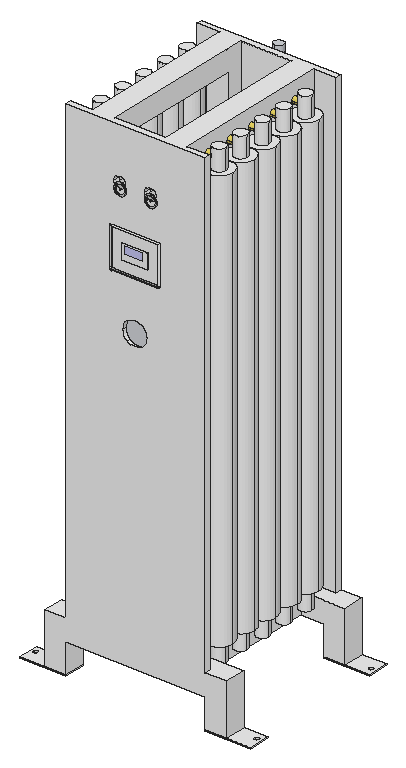
Revit family "Chaine de traitement par Absorption (support au sol) - AD5325", category Equipement spécialisé, Revit 2018
Family settings
  Cote de connecteur circulaire = Utiliser le diamètre
  Type d'élément = Normal
  Basée sur le plan de construction = Non
  Toujours verticalement = Oui
  Couper avec des vides une fois chargée = Non
  Partagée = Non
  Point de calcul de pièce = Non
Parameters (values of type "SEC 7 HC - AD 5325")
  TERRE = yes
  TENSION_ALIM = 230 V  # constant formula
  Rayon_Raccord_Face_Avant = 40 mm
  Rayon_Percement_Fixation_Sol = Diametre_Percement_Fixation_Sol / 2  # 7 mm
  Profondeur_Totale = 560 mm
  PUISS_ELECT_X = 0.15 kW
  PUISS_APPARENTE_X = PUISS_ELECT_X / COS_PHI  # 166.667 VA
  PROTEC_ELECT_X = "Disjoncteur courbe D - 1 A"
  POIDS(Kg) = 257 mm
  NEUTRE = yes
  NBR_POLES = 1
  Modèle = "SEC 7 HC - AD 5325"
  Lien espace client = "https://www.mils.fr/en/customers-area/"
  Largeur_Totale = 760 mm
  Largeur_Panneaux_Support = 460 mm
  LONGUEUR = Profondeur_Totale  # 560 mm
  LARGEUR = Largeur_Totale  # 760 mm
  Hauteur_Totale = 1690 mm
  Hauteur_Sol_Barres = 135 mm
  Hauteur_Rouleau = Hauteur_Totale - (Hauteur_Sol_Barres + E2)  # 1520 mm
  Hauteur_Manomètres = 1500 mm
  HAUTEUR = Hauteur_Totale  # 1690 mm
  Fabricant = "MIL'S"
  FREQUENCE = 50 Hz  # constant formula
  Epaisseur_Cache = 20 mm
  Epaisseur_Barre_Support = 70 mm
  Entraxe_Vertical_Fixation_Sol = 470 mm
  Entraxe_Rouleaux = 390 mm
  Entraxe_Manomètres = 100 mm
  Entraxe_Horizontal_Fixation_Sol = 730 mm
  Entraxe_Barres_Verticales = 310 mm
  Entraxe_Barres_Horizontales = 560 mm
  E2 = Epaisseur_Barre_Support / 2  # 35 mm
  E1 = Epaisseur_Barre_Support * 2  # 140 mm
  Diametre_Percement_Fixation_Sol = 14 mm
  DIAM_SORTIE_AIR = 32 mm
  DIAM_ENTREE_AIR = 32 mm
  DESCR_SORTIE_AIR = "Sortie Air ; 325 m3/h à 10 bar ; ID G 1\"1/4 ;"
  DESCR_ENTREE_AIR = "Entrée Air ; 325 m3/h à 10 bar ; ID G 1\"1/4 ;"
  DESCR_ALIM_X = "Alimentation X ; ID 3G1mm² ;"
  DEBIT_SORTIE_AIR = 325.0 m³/h
  DEBIT_ENTREE_AIR = DEBIT_SORTIE_AIR  # 325.0 m³/h
  COS_PHI = 0.9  # constant formula
Reference planes
  plane 1 "Centre (avant/arrière)": y = 0
  plane 2: z = 0
  plane 3 "Centre (gauche/droite)": x = 0
  plane 4: y = 280
  plane 5: y = 210
  plane 6: y = -210
  plane 7: y = -280
  plane 8: x = -155
  plane 9: x = -85
  plane 10: x = 85
  plane 11: x = 155
  plane 12: x = -380
  plane 13: x = 380
  plane 14: x = -120
  plane 15: x = 120
  plane 16: x = -230
  plane 17: x = 230
  plane 18: z = 1690
  plane 19: x = -195
  plane 20: x = 195
  plane 21: x = -365
  plane 22: x = 365
  plane 23: y = -235
  plane 24: y = 235
  plane 25: z = 1500
  plane 26: x = -50
  plane 27: x = 50
  plane 28: y = 89
  plane 29: y = 0
  plane 30: y = -89
  plane 31: y = -178
  plane 32: y = 178
Forms (mm)
  Extrusion 1, solid, material "Aluminium - Laqué, Blanc"
    sketch origin (0, 0, 0) x (1, 0, 0) y (0, 1, 0)
      loop
        line (-380, 280) -> (-380, 210) -> (-230, 210) -> (-230, 280) -> (-380, 280)
      loop
        line (-380, -210) -> (-380, -280) -> (-230, -280) -> (-230, -210) -> (-380, -210)
      loop
        line (380, 280) -> (230, 280) -> (230, 210) -> (380, 210) -> (380, 280)
      loop
        line (380, -210) -> (230, -210) -> (230, -280) -> (380, -280) -> (380, -210)
    from 0 to 2.5
  Sweep 2, solid, material "Aluminium - Laqué, Blanc"
    path origin (0, 0, 0) x (1, 0, 0) y (0, 0, 1)
      loop
        line (-265, 2.5) -> (-265, 135) -> (265, 135) -> (265, 2.5)
    profile origin (-265, 0, 68.75) x (-1, 0, 0) y (0, -1, 0)
      loop
        line (-35, -280) -> (35, -280) -> (35, -210) -> (-35, -210) -> (-35, -280)
      loop
        line (-35, 210) -> (35, 210) -> (35, 280) -> (-35, 280) -> (-35, 210)
  Extrusion 3, solid, material "Aluminium - Laqué, Blanc"
    sketch origin (0, 0, 0) x (1, 0, 0) y (0, 0, 1)
      loop
        line (-155, 170) -> (-155, 100) -> (-85, 100) -> (-85, 170) -> (-155, 170)
      loop
        line (85, 170) -> (85, 100) -> (155, 100) -> (155, 170) -> (85, 170)
      loop
        line (-155, 1690) -> (-155, 1620) -> (-85, 1620) -> (-85, 1690) -> (-155, 1690)
      loop
        line (85, 1690) -> (85, 1620) -> (155, 1620) -> (155, 1690) -> (85, 1690)
    from -210 to 210
  Extrusion 4, solid, material "Aluminium - Laqué, Blanc"
    sketch origin (0, 0, 0) x (1, 0, 0) y (0, 0, 1)
      loop
        line (-230, 1690) -> (-230, 170) -> (230, 170) -> (230, 1690) -> (-230, 1690)
      loop
        circle (0, 1090.886) r 40
      loop
        circle (-50, 1520) r 20
      loop
        circle (50, 1519.869) r 20
      loop
        arc (-75, 1390) -> (-82.071, 1387.071) -> (-85, 1380) r 10
        line (-85, 1380) -> (-85, 1260)
        arc (-85, 1260) -> (-82.071, 1252.929) -> (-75, 1250) r 10
        line (-75, 1250) -> (75, 1250)
        arc (75, 1250) -> (82.071, 1252.929) -> (85, 1260) r 10
        line (85, 1260) -> (85, 1380)
        arc (85, 1380) -> (82.071, 1387.071) -> (75, 1390) r 10
        line (75, 1390) -> (-75, 1390)
    from 280 to 260
  Extrusion 5, solid
    sketch origin (0, 0, 0) x (1, 0, 0) y (0, 0, 1)
      loop
        circle (0, 1090.886) r 40
    from 260 to 270
  Extrusion 6, solid, material "Aluminium - Laqué, Blanc"
    sketch origin (0, 0, 0) x (1, 0, 0) y (0, 0, 1)
      loop
        line (-230, 1690) -> (-230, 170) -> (230, 170) -> (230, 1690) -> (-230, 1690)
    from -260 to -280
  Extrusion 7, solid, material "Aluminium - Laqué, Blanc"
    sketch origin (0, 0, 0) x (1, 0, 0) y (0, 1, 0)
      loop
        line (-155, 210) -> (-85, 210) -> (-85, 260) -> (-155, 260) -> (-155, 210)
      loop
        line (85, 210) -> (155, 210) -> (155, 260) -> (85, 260) -> (85, 210)
      loop
        line (-155, -210) -> (-155, -260) -> (-85, -260) -> (-85, -210) -> (-155, -210)
      loop
        line (155, -210) -> (85, -210) -> (85, -260) -> (155, -260) -> (155, -210)
    from 1690 to 170
  Sweep 8, solid
    path origin (0, 0, 0) x (0, 1, 0) y (0, 0, 1)
      loop
        line (280, 1650) -> (290, 1650)
        arc (290, 1650) -> (304.142, 1655.858) -> (310, 1670) r 20
        line (310, 1670) -> (310, 1690)
    profile origin (0, 285, 1650) x (0, 0, 1) y (1, 0, 0)
      loop
        circle (0, 0) r 16
  Extrusion 9, void
    sketch origin (0, 0, 0) x (1, 0, 0) y (0, 1, 0)
      loop
        circle (-365, 235) r 7
      loop
        circle (-365, -235) r 7
      loop
        circle (365, -235) r 7
      loop
        circle (365, 235) r 7
    from 0 to 2.5
  Extrusion 10, solid, material "Brass 6E7D908B"
    sketch origin (0, 0, 0) x (0, 1, 0) y (0, 0, 1)
      loop
        circle (-178, 1637.5) r 10
      loop
        circle (-89, 1637.5) r 10
      loop
        circle (0, 1637.5) r 10
      loop
        circle (89, 1637.5) r 10
      loop
        circle (178, 1637.5) r 10
    from -155 to -195
  Extrusion 11, solid, material "Brass 6E7D908B"
    sketch origin (0, 0, 0) x (0, 1, 0) y (0, 0, 1)
      loop
        circle (-178, 1637.5) r 10
      loop
        circle (-89, 1637.5) r 10
      loop
        circle (0, 1637.5) r 10
      loop
        circle (89, 1637.5) r 10
      loop
        circle (178, 1637.5) r 10
    from 155 to 195
Cuts and joins
  joined: Sweep 2, Extrusion 3, Extrusion 4, Extrusion 6, Extrusion 7
  Extrusion 9 cuts Extrusion 1
Dimensions and locks
  equal spacing: plane 4, plane 1 "Centre (avant/arrière)", plane 7
  "Profondeur_Totale": plane 4 to plane 7
  "Epaisseur_Barre_Support": plane 4 to plane 5
  "Epaisseur_Barre_Support": plane 6 to plane 7
  "Entraxe_Barres_Verticales": plane 8 to plane 11
  equal spacing: plane 8, plane 3 "Centre (gauche/droite)", plane 11
  "Epaisseur_Barre_Support": plane 8 to plane 9
  "Epaisseur_Barre_Support": plane 10 to plane 11
  equal spacing: plane 12, plane 3 "Centre (gauche/droite)", plane 13
  "Largeur_Totale": plane 12 to plane 13
  equal spacing: plane 8, plane 14, plane 9
  equal spacing: plane 10, plane 15, plane 11
  "Hauteur_Sol_Barres": Sweep 2 sketch curve to level
  "Epaisseur_Barre_Support": Sweep 2 sketch curve to plane 16
  "E2": plane 16 to Sweep 2 sketch curve
  "E2": Sweep 2 sketch curve to plane 17
  "Hauteur_Totale": plane 18 to level
  "Epaisseur_Barre_Support": plane 18 to Extrusion 3 sketch curve  (x2)
  equal spacing: plane 16, plane 3 "Centre (gauche/droite)", plane 17
  "Largeur_Panneaux_Support": plane 16 to plane 17
  equal spacing: plane 19, plane 3 "Centre (gauche/droite)", plane 20
  "Entraxe_Rouleaux": plane 19 to plane 20
  equal spacing: plane 21, plane 3 "Centre (gauche/droite)", plane 22
  equal spacing: plane 24, plane 1 "Centre (avant/arrière)", plane 23
  "Entraxe_Vertical_Fixation_Sol": plane 24 to plane 23
  "Entraxe_Horizontal_Fixation_Sol": plane 21 to plane 22
  equal spacing: plane 27, plane 3 "Centre (gauche/droite)", plane 26
  "Entraxe_Manomètres": plane 27 to plane 26
  "Hauteur_Manomètres": plane 25 to level
  "Rayon_Raccord_Face_Avant": radius of Extrusion 4 sketch curve
  "Rayon_Raccord_Face_Avant": radius of Extrusion 5 sketch curve
  "Rayon_Percement_Fixation_Sol": radius of Extrusion 9 sketch curve  (x4)
  aligned and locked: level to plane 2
  aligned and locked: Extrusion 1 sketch curve to plane 4
  aligned and locked: plane 12 to Extrusion 1 sketch curve  (x2)
  aligned and locked: plane 5 to Extrusion 1 sketch curve
  aligned and locked: Extrusion 1 sketch curve to plane 6
  aligned and locked: plane 7 to Extrusion 1 sketch curve
  aligned and locked: plane 4 to Extrusion 1 sketch curve
  aligned and locked: plane 13 to Extrusion 1 sketch curve  (x2)
  aligned and locked: Extrusion 1 sketch curve to plane 5
  aligned and locked: plane 6 to Extrusion 1 sketch curve
  aligned and locked: Extrusion 1 sketch curve to plane 7
  aligned and locked: Extrusion 1 to Sweep 2 sketch curve  (x2)
  aligned and locked: Sweep 2 sketch curve to Sweep 2 sketch curve
  aligned and locked: Extrusion 3 sketch curve to Sweep 2  (x4)
  aligned and locked: plane 8 to Extrusion 3 sketch curve
  aligned and locked: Extrusion 3 sketch curve to plane 9
  aligned and locked: plane 10 to Extrusion 3 sketch curve
  aligned and locked: Extrusion 3 sketch curve to plane 11
  aligned and locked: plane 5 to Extrusion 3
  aligned and locked: Extrusion 3 to plane 6
  aligned and locked: Extrusion 1 sketch curve to plane 16  (x2)
  aligned and locked: Extrusion 1 sketch curve to plane 17  (x2)
  aligned and locked: Sweep 2 sketch curve to plane 5
  aligned and locked: plane 6 to Sweep 2 sketch curve
  aligned and locked: plane 16 to Sweep 2 sketch curve  (x2)
  aligned and locked: Extrusion 4 sketch curve to plane 18
  aligned and locked: plane 16 to Extrusion 4 sketch curve
  aligned and locked: cut or joined group of Sweep 2, Extrusion 3, Extrusion 4, Extrusion 6, Extrusion 7 to Extrusion 4 sketch curve
  aligned and locked: Extrusion 4 sketch curve to plane 17
  aligned and locked: Extrusion 4 to plane 7
  aligned and locked: Extrusion 6 sketch curve to Extrusion 4  (x4)
  aligned and locked: plane 4 to Extrusion 6
  aligned and locked: Extrusion 3 sketch curve to plane 18  (x2)
  aligned and locked: plane 6 to Extrusion 7 sketch curve
  aligned and locked: plane 8 to Extrusion 7 sketch curve
  aligned and locked: Extrusion 7 sketch curve to plane 9
  aligned and locked: Extrusion 7 sketch curve to plane 10  (x2)
  aligned and locked: plane 11 to Extrusion 7 sketch curve  (x2)
  aligned and locked: Extrusion 4 to Extrusion 7 sketch curve
  aligned and locked: Extrusion 7 sketch curve to Extrusion 4
  aligned and locked: Extrusion 7 sketch curve to plane 8
  aligned and locked: plane 9 to Extrusion 7 sketch curve
  aligned and locked: Extrusion 7 sketch curve to plane 5  (x2)
  aligned and locked: Extrusion 7 sketch curve to Extrusion 6  (x2)
  aligned and locked: Extrusion 7 to cut or joined group of Sweep 2, Extrusion 3, Extrusion 4, Extrusion 6, Extrusion 7
  aligned and locked: plane 18 to Extrusion 7
  aligned and locked: plane 7 to nested 9
  aligned and locked: plane 7 to nested 10
  aligned and locked: plane 7 to nested 11
  aligned and locked: plane 19 to nested 1
  aligned and locked: plane 19 to nested 2
  aligned and locked: plane 19 to nested 3
  aligned and locked: plane 19 to nested 4
  aligned and locked: plane 20 to nested 5
  aligned and locked: plane 20 to nested 6
  aligned and locked: plane 20 to nested 7
  aligned and locked: plane 20 to nested 8
  aligned and locked: Extrusion 4 to nested 11  (x3)
  aligned and locked: nested 11 to Extrusion 4
  aligned and locked: plane 26 to nested 9
  aligned and locked: plane 25 to nested 9
  aligned and locked: plane 27 to nested 10
  aligned and locked: plane 25 to nested 10
  aligned and locked: Extrusion 10 to plane 19
  aligned and locked: plane 8 to Extrusion 10
  aligned and locked: plane 20 to Extrusion 11
  aligned and locked: Extrusion 11 to plane 11
Automatic sketch dimensions
  level to Sweep 2 sketch curve = 2.5 mm  (x2)
  Extrusion 3 sketch curve to plane 8 = 0 mm
  Extrusion 3 sketch curve to plane 9 = 0 mm
  Extrusion 3 sketch curve to plane 10 = 0 mm
  Extrusion 3 sketch curve to plane 11 = 0 mm
  Extrusion 7 sketch curve to plane 6 = 0 mm
  Sweep 8 sketch curve to plane 4 = 0 mm
  Sweep 8 sketch curve to plane 18 = 0 mm
  plane 4 to Sweep 8 sketch curve = 10 mm
  Sweep 8 sketch curve to Sweep 8 sketch curve = 20 mm  (x2)
  Sweep 8 sketch curve to plane 3 "Centre (gauche/droite)" = 0 mm
  Sweep 8 sketch curve to profile plane = 0 mm
  Extrusion 5 sketch curve to plane 3 "Centre (gauche/droite)" = 0 mm
  Extrusion 5 sketch curve to plane 18 = 599.114 mm
  plane 14 to Extrusion 4 sketch curve = 70 mm
  Extrusion 4 sketch curve to plane 3 "Centre (gauche/droite)" = 0 mm
  Extrusion 4 sketch curve to plane 15 = 70 mm
  plane 14 to Extrusion 4 sketch curve = 35 mm
  plane 14 to Extrusion 4 sketch curve = 45 mm  (x2)
  Extrusion 4 sketch curve to plane 10 = 10 mm
  Extrusion 4 sketch curve to plane 15 = 45 mm
  Extrusion 4 sketch curve to plane 15 = 35 mm
  Extrusion 4 sketch curve to plane 18 = 599.114 mm
  Extrusion 4 sketch curve to Extrusion 4 sketch curve = 159.114 mm
  Extrusion 4 sketch curve to Extrusion 4 sketch curve = 120 mm
  Extrusion 4 sketch curve to Extrusion 4 sketch curve = 130 mm
  Extrusion 4 sketch curve to Extrusion 4 sketch curve = 129.869 mm
  plane 21 to Extrusion 9 sketch curve = 0 mm  (x2)
  plane 24 to Extrusion 9 sketch curve = 0 mm  (x2)
  Extrusion 9 sketch curve to plane 22 = 0 mm  (x2)
  Extrusion 9 sketch curve to plane 23 = 0 mm  (x2)
  Extrusion 10 sketch curve to plane 31 = 0 mm
  Extrusion 10 sketch curve to plane 30 = 0 mm
  Extrusion 10 sketch curve to plane 1 "Centre (avant/arrière)" = 0 mm
  Extrusion 10 sketch curve to plane 28 = 0 mm
  Extrusion 10 sketch curve to plane 32 = 0 mm
  Extrusion 10 sketch curve to plane 18 = 52.5 mm  (x5)
  Extrusion 11 sketch curve to plane 31 = 0 mm
  Extrusion 11 sketch curve to plane 30 = 0 mm
  Extrusion 11 sketch curve to plane 1 "Centre (avant/arrière)" = 0 mm
  Extrusion 11 sketch curve to plane 28 = 0 mm
  Extrusion 11 sketch curve to plane 32 = 0 mm
  Extrusion 11 sketch curve to plane 18 = 52.5 mm  (x5)
  radius of Sweep 8 sketch curve = 16 mm
  radius of Extrusion 4 sketch curve = 20 mm  (x2)
  radius of Extrusion 10 sketch curve = 10 mm  (x5)
  radius of Extrusion 11 sketch curve = 10 mm  (x5)
Nested families
  nested 1: "Rouleau Filtration Air" at (-195, 89, 150), type "Rouleau Filtration Air"
    with Hauteur_Totale 1520 mm, Hauteur_Rouleau 1390 mm, H1 1455 mm
  nested 2: "Rouleau Filtration Air" at (-195, 0, 150), type "Rouleau Filtration Air"
    with Hauteur_Totale 1520 mm, Hauteur_Rouleau 1390 mm, H1 1455 mm
  nested 3: "Rouleau Filtration Air" at (-195, -89, 150), type "Rouleau Filtration Air"
    with Hauteur_Totale 1520 mm, Hauteur_Rouleau 1390 mm, H1 1455 mm
  nested 4: "Rouleau Filtration Air" at (-195, -178, 150), type "Rouleau Filtration Air"
    with Hauteur_Totale 1520 mm, Hauteur_Rouleau 1390 mm, H1 1455 mm
  nested 5: "Rouleau Filtration Air" at (195, 89, 150) x (-1, 0, 0) z (0, 0, 1), type "Rouleau Filtration Air"
    with Hauteur_Totale 1520 mm, Hauteur_Rouleau 1390 mm, H1 1455 mm
  nested 6: "Rouleau Filtration Air" at (195, 0, 150) x (-1, 0, 0) z (0, 0, 1), type "Rouleau Filtration Air"
    with Hauteur_Totale 1520 mm, Hauteur_Rouleau 1390 mm, H1 1455 mm
  nested 7: "Rouleau Filtration Air" at (195, -89, 150) x (-1, 0, 0) z (0, 0, 1), type "Rouleau Filtration Air"
    with Hauteur_Totale 1520 mm, Hauteur_Rouleau 1390 mm, H1 1455 mm
  nested 8: "Rouleau Filtration Air" at (195, -178, 150) x (-1, 0, 0) z (0, 0, 1), type "Rouleau Filtration Air"
    with Hauteur_Totale 1520 mm, Hauteur_Rouleau 1390 mm, H1 1455 mm
  nested 9: "Manomètre" at (-50, -265.5, 1500), type "Manomètre"
  nested 10: "Manomètre" at (50, -265.5, 1500), type "Manomètre"
  nested 11: "Coffret commande traitement" at (0, -215, 1320), type "Coffret commande traitement"
  nested 12: "Rouleau Filtration Air" at (-195, 178, 150), type "Rouleau Filtration Air"
    with Hauteur_Totale 1520 mm, Hauteur_Rouleau 1390 mm, H1 1455 mm
  nested 13: "Rouleau Filtration Air" at (195, 178, 150) x (-1, 0, 0) z (0, 0, 1), type "Rouleau Filtration Air"
    with Hauteur_Totale 1520 mm, Hauteur_Rouleau 1390 mm, H1 1455 mm
Connectors
  piping at (0, 310, 1690), diameter 32, driven by "DIAM_SORTIE_AIR", driven by "DEBIT_SORTIE_AIR", driven by "DESCR_SORTIE_AIR"
    settings: on Sweep 8, index 2, connector inside diameter 609.6 mm, connector length 0 mm, flow factor 0, pipe flow 325.0 m³/h, pressure drop 0.0 Pa, fitting loss kfactor 0, connector angle 0.00°, fixture units 0, engagement length 0 mm, angle of deflection 0.00°, flow configuration 0, flow direction 2, fitting loss method 0, system type 22, joint type 0, gender type 0, connector reference index -1, connector utility 1, adjustable connector no, is connector primary yes, connector description "Sortie Air ; 325 m3/h à 10 bar ; ID G 1\"1/4 ;"
  electrical at (50, -247.5, 1230), driven by "NBR_POLES", driven by "TENSION_ALIM", driven by "PUISS_APPARENTE_X", driven by "DESCR_ALIM_X"
    settings: on nested 11, index 3, voltage 230 V, apparent load 166.667 VA, apparent load phase1 0 VA, apparent load phase2 0 VA, apparent load phase3 0 VA, power factor 1, load classification "Moteur", number of poles 1, system type 30, power factor state 1, is connector primary yes, connector utility yes, sub classification motor no, connector description "Alimentation X ; ID 3G1mm² ;"
  piping at (0, -270, 1090.886), diameter 32, driven by "DIAM_ENTREE_AIR", driven by "DEBIT_ENTREE_AIR", driven by "DESCR_ENTREE_AIR"
    settings: on Extrusion 5, index 4, connector inside diameter 609.6 mm, connector length 0 mm, flow factor 0, pipe flow 325.0 m³/h, pressure drop 0.0 Pa, fitting loss kfactor 0, connector angle 0.00°, fixture units 0, engagement length 0 mm, angle of deflection 0.00°, flow configuration 0, flow direction 1, fitting loss method 0, system type 22, joint type 0, gender type 0, connector reference index -1, connector utility 1, adjustable connector no, is connector primary no, connector description "Entrée Air ; 325 m3/h à 10 bar ; ID G 1\"1/4 ;"
Definition of nested family "Rouleau Filtration Air"
  Parameters (values of type "Rouleau Filtration Air")
    Rayon_Rouleau = 44.5 mm
    Rayon_Embout = 21 mm
    Hauteur_Totale = 950 mm
    Hauteur_Rouleau = Hauteur_Totale - (Hauteur_Embout * 2)  # 820 mm
    Hauteur_Embout = 65 mm
    H1 = Hauteur_Totale - Hauteur_Embout  # 885 mm
    Diametre_Rouleau = Rayon_Rouleau * 2  # 89 mm
    Diametre_Embout = Rayon_Embout * 2  # 42 mm
  Reference planes
    plane 1 "Centre (avant/arrière)": y = 0
    plane 2: z = 0
    plane 3 "Centre (gauche/droite)": x = 0
    plane 4: z = 65
    plane 5: z = 950
    plane 6: x = -44.5
    plane 7: x = 44.5
    plane 8: z = 475
    plane 9: y = 44.5
    plane 10: y = -44.5
    plane 11: z = 917.5
    plane 12: z = 885
    plane 13: z = 32.5
  Forms (mm)
    Extrusion 1, solid
      sketch origin (0, 0, 0) x (1, 0, 0) y (0, 1, 0)
        loop
          circle (0, 0) r 21
      from 0 to 65 <- "Hauteur_Embout"
    Extrusion 2, solid
      sketch origin (0, 0, 0) x (1, 0, 0) y (0, 1, 0)
        loop
          circle (0, 0) r 44.5
      from 65 <- "Hauteur_Embout" to 885 <- "H1"
    Extrusion 3, solid
      sketch origin (0, 0, 0) x (1, 0, 0) y (0, 1, 0)
        loop
          circle (0, 0) r 21
      from 885 <- "H1" to 950 <- "Hauteur_Totale"
  Dimensions and locks
    equal spacing: plane 7, plane 3 "Centre (gauche/droite)", plane 6
    "Hauteur_Embout": plane 4 to level
    "Hauteur_Totale": plane 5 to level
    equal spacing: plane 5, plane 8, level
    "Diametre_Rouleau": plane 6 to plane 7
    equal spacing: plane 9, plane 1 "Centre (avant/arrière)", plane 10
    "Diametre_Rouleau": plane 9 to plane 10
    equal spacing: plane 5, plane 11, plane 12
    equal spacing: plane 4, plane 13, level
    equal spacing: plane 12, plane 8, plane 4
    "Hauteur_Rouleau": plane 12 to plane 4
    "Rayon_Embout": radius of Extrusion 1 sketch curve
    "Rayon_Rouleau": radius of Extrusion 2 sketch curve
    "Rayon_Embout": radius of Extrusion 3 sketch curve
    aligned and locked: level to plane 2
    aligned and locked: plane 12 to Extrusion 2
  Automatic sketch dimensions
    plane 1 "Centre (avant/arrière)" to Extrusion 1 sketch curve = 0 mm
    Extrusion 1 sketch curve to plane 3 "Centre (gauche/droite)" = 0 mm
    plane 1 "Centre (avant/arrière)" to Extrusion 2 sketch curve = 0 mm
    Extrusion 2 sketch curve to plane 3 "Centre (gauche/droite)" = 0 mm
    plane 1 "Centre (avant/arrière)" to Extrusion 3 sketch curve = 0 mm
    Extrusion 3 sketch curve to plane 3 "Centre (gauche/droite)" = 0 mm
Definition of nested family "Manomètre"
  Reference planes
    plane 1 "Centre (avant/arrière)": y = 0
    plane 2: z = 0
    plane 3 "Centre (gauche/droite)": x = 0
    plane 4: y = 12.5
    plane 5: x = 20
    plane 6: x = -20
    plane 7: z = 20
    plane 8: z = -20
    plane 9: z = 0
    plane 10: y = -14.5
  Forms (mm)
    Extrusion 1, solid
      sketch origin (-63.94, 0, -97.665) x (-1, 0, 0) y (0, 0, -1)
        loop
          circle (-63.94, -97.665) r 20
      from -12.5 to 12.5
    Extrusion 2, solid
      sketch origin (-63.94, 0, -97.665) x (-1, 0, 0) y (0, 0, -1)
        loop
          circle (-63.94, -97.665) r 20
        loop
          circle (-63.94, -97.665) r 16.483
        loop
          circle (-63.94, -97.665) r 1.016
      from 12.5 to 14.5
    Extrusion 3, solid
      sketch origin (-65, 0, -76.847) x (-1, 0, 0) y (0, 0, -1)
        loop
          line (-65.052, -78.832) -> (-50.052, -76.792) -> (-65.052, -74.752)
          arc (-65.052, -74.752) -> (-67.092, -76.792) -> (-65.052, -78.832) r 2.04
      from 13 to 14
  Dimensions and locks
    aligned and locked: level to plane 2
    aligned and locked: plane 2 to plane 9
    aligned and locked: plane 4 to Extrusion 1
    aligned and locked: plane 10 to Extrusion 2
Definition of nested family "Coffret commande traitement"
  Parameters (values of type "Coffret commande traitement")
    Profondeur_Boitier = 65 mm
    Largeur_Boitier = 170 mm
    Hauteur_Boitier = 140 mm
  Reference planes
    plane 1 "Centre (avant/arrière)": y = 0
    plane 2: z = 0
    plane 3 "Centre (gauche/droite)": x = 0
    plane 4: z = 70
    plane 5: x = -85
    plane 6: z = -70
    plane 7: x = 85
    plane 8: z = 0
  Forms (mm)
    Extrusion 1, solid
      sketch origin (0, 0, 0) x (1, 0, 0) y (0, 0, 1)
        loop
          line (-85, 70) -> (-85, -70) -> (85, -70) -> (85, 70) -> (-85, 70)
      from 0 to 65 <- "Profondeur_Boitier"
    Sweep 2, void
      path origin (0, 0, 0) x (1, 0, 0) y (0, 1, 0)
        loop
          line (-85, 0) -> (-85, -65) -> (85, -65) -> (85, 0)
      profile origin (-85, -32.5, 0) x (1, 0, 0) y (0, 0, 1)
        loop
          line (10, 70) -> (0, 70) -> (0, 60)
          arc (0, 60) -> (2.929, 67.071) -> (10, 70) r 10
        loop
          arc (10, -70) -> (2.929, -67.071) -> (0, -60) r 10
          line (0, -60) -> (0, -70) -> (10, -70)
    Sweep 3, void
      path origin (0, 0, 0) x (0, 1, 0) y (0, 0, 1)
        loop
          line (-65, 70) -> (-65, -70)
      profile origin (0, -65, 0) x (1, 0, 0) y (0, 1, 0)
        loop
          arc (85, 10) -> (82.071, 2.929) -> (75, 0) r 10
          line (75, 0) -> (85, 0) -> (85, 10)
        loop
          line (-85, 10) -> (-85, 0) -> (-75, 0)
          arc (-75, 0) -> (-82.071, 2.929) -> (-85, 10) r 10
    Extrusion 4, solid
      sketch origin (0, 0, 0) x (1, 0, 0) y (0, 1, 0)
        loop
          circle (-50, -32.5) r 10
        loop
          circle (50, -32.5) r 10
      from -70 to -90
    Extrusion 5, solid
      sketch origin (0, 0, 0) x (1, 0, 0) y (0, 0, 1)
        loop
          line (-42.5, 25) -> (-42.5, -25) -> (42.5, -25) -> (42.5, 25) -> (-42.5, 25)
      from 65 to 66
    Extrusion 6, solid
      sketch origin (0, 0, 0) x (1, 0, 0) y (0, 0, 1)
        loop
          line (-34.092, 18.982) -> (-34.092, -6.018) -> (25.908, -6.018) -> (25.908, 18.982) -> (-34.092, 18.982)
      from 65 to 67
  Cuts and joins
    Sweep 2, Sweep 3 cuts Extrusion 1
  Dimensions and locks
    equal spacing: plane 7, plane 3 "Centre (gauche/droite)", plane 5
    equal spacing: plane 4, level, plane 6
    "Largeur_Boitier": plane 7 to plane 5
    "Hauteur_Boitier": plane 4 to plane 6
    aligned and locked: level to plane 2
    aligned and locked: Extrusion 1 sketch curve to plane 4
    aligned and locked: plane 5 to Extrusion 1 sketch curve
    aligned and locked: plane 6 to Extrusion 1 sketch curve
    aligned and locked: Extrusion 1 sketch curve to plane 7
    aligned and locked: plane 2 to plane 8
  Automatic sketch dimensions
    Sweep 2 sketch curve to plane 5 = 0 mm
    Sweep 2 sketch curve to plane 7 = 0 mm
    plane 1 "Centre (avant/arrière)" to Sweep 2 sketch curve = 0 mm  (x2)
    plane 1 "Centre (avant/arrière)" to Sweep 2 sketch curve = 65 mm
    profile plane to Sweep 2 sketch curve = 0 mm  (x2)
    Sweep 2 sketch curve to Sweep 2 sketch curve = 10 mm  (x3)
    Sweep 2 sketch curve to level = 70 mm
    level to Sweep 2 sketch curve = 60 mm
    Sweep 2 sketch curve to Sweep 2 sketch curve = 0 mm  (x3)
    Sweep 3 sketch curve to plane 6 = 0 mm
    Sweep 3 sketch curve to plane 4 = 0 mm
    plane 1 "Centre (avant/arrière)" to Sweep 3 sketch curve = 65 mm
    profile plane to Sweep 3 sketch curve = 0 mm  (x2)
    Sweep 3 sketch curve to plane 3 "Centre (gauche/droite)" = 85 mm
    Sweep 3 sketch curve to profile plane = 10 mm  (x2)
    plane 3 "Centre (gauche/droite)" to Sweep 3 sketch curve = 75 mm
    Sweep 3 sketch curve to Sweep 3 sketch curve = 0 mm  (x2)
    plane 5 to Extrusion 4 sketch curve = 35 mm
    Extrusion 4 sketch curve to plane 7 = 35 mm
    plane 1 "Centre (avant/arrière)" to Extrusion 4 sketch curve = 32.5 mm  (x2)
    plane 5 to Extrusion 5 sketch curve = 42.5 mm
    plane 3 "Centre (gauche/droite)" to Extrusion 5 sketch curve = 42.5 mm
    Extrusion 5 sketch curve to level = 25 mm
    level to Extrusion 5 sketch curve = 25 mm
    Extrusion 6 sketch curve to level = 6.018 mm
    Extrusion 6 sketch curve to plane 3 "Centre (gauche/droite)" = 34.092 mm
    plane 3 "Centre (gauche/droite)" to Extrusion 6 sketch curve = 25.908 mm
    level to Extrusion 6 sketch curve = 18.982 mm
    radius of Extrusion 4 sketch curve = 10 mm  (x2)
